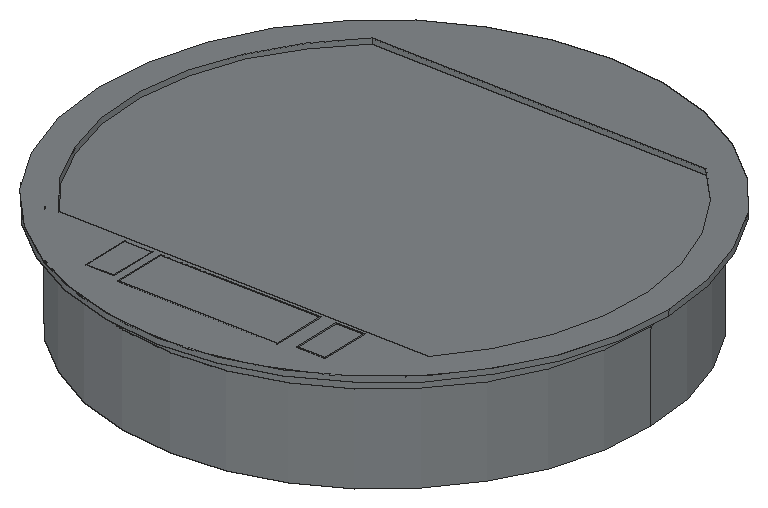
Revit family "Geräteeinsätze GES_Geräteeinsatz_GESR9_mit_Rastscheiber", category Generic Models, Revit 2015
Parameters (values of type "GESR9-2U12T 7011")
  URL = "http://www.obo-bettermann.com"
  Snur width = 111 mm
  Outer Diameter Dimension = 324 mm
  Material = Plastic RAL 7011
  Manufacturer Art. No. = "7405465"
  Manufacturer = "OBO Bettermann"
  Inner cut2 = 213 mm
  Inner cut 3 = 235 mm
  Height = 60 mm
  GTIN = "4012195840718"
  Diameter dimesion = 304 mm
  Article Type = "GESR9-2U12T 7011"
Types (4, lengths in mm): name | Material | Manufacturer Art. No. | GTIN | Article Type
  (no name) | Plastic RAL 7011 | "7405465" | "4012195840718" | "GESR9-2U12T 7011"
  GESR9-2U12T 7011 | Plastic RAL 7011 | "7405465" | "4012195840718" | "GESR9-2U12T 7011"
  GESR9-2U12T 9011 | Plastic RAL 9011 | "7405466" | "4012195840725" | "GESR9-2U12T 9011"
  GESR9-2U12T 1019 | Plastic RAL 1019 | "7405467" | "4012195840763" | "GESR9-2U12T 1019"
Reference planes
  plane 1 "Center (Front/Back)": y = 0
  plane 2: z = 0
  plane 3 "Center (Left/Right)": x = 0
  plane 4: z = -60
  plane 5: z = 3
  plane 6: x = 117.5
  plane 7: x = -117.5
  plane 8: y = -106.5
  plane 9: y = 106.5
  plane 10: y = -89.945
  plane 11: y = 89.945
  plane 12: x = -99.264
  plane 13: x = 99.264
  plane 14: z = -9.1
  plane 15: x = -55.5
  plane 16: x = 55.5
  plane 17: y = -82.6
  plane 18: x = -52.3
  plane 19: x = 52.3
  plane 20: y = -86.43
  plane 21: y = -122.43
  plane 22: y = -87.43
  plane 23: x = -51.3
  plane 24: x = 51.3
  plane 25: y = -121.43
Forms (mm)
  Extrusion 1, solid, material "Plastic RAL 7011" <- "Material"
    sketch origin (0, 0, 0) x (1, 0, 0) y (0, 1, 0)
      loop
        circle (0, 0) r 162
    from 0 to 3
  Extrusion 2, void
    sketch origin (0, 0, 0) x (1, 0, 0) y (0, 1, 0)
      loop
        line (-105.5, -100) -> (105.5, -100)
        arc (105.5, -100) -> (144.886, 7.232) -> (95, 110) r 146
        line (95, 110) -> (-95, 110)
        arc (-95, 110) -> (-144.886, 7.232) -> (-105.5, -100) r 146
    from -2.1 to 3
  Extrusion 3, solid, material "Plastic RAL 7011" <- "Material"
    sketch origin (0, 0, 0) x (1, 0, 0) y (0, 1, 0)
      loop
        circle (0, 0) r 152
    from -9.1 to 0
  Extrusion 4, solid, material "Plastic RAL 7011" <- "Material"
    sketch origin (0, 0, 0) x (1, 0, 0) y (0, 1, 0)
      loop
        circle (0, 0) r 152
      loop
        line (99.264, -106.5) -> (117.5, -89.945) -> (117.5, 0) -> (117.5, 89.945) -> (99.264, 106.5) -> (-99.264, 106.5) -> (-117.5, 89.945) -> (-117.5, -89.945) -> (-99.264, -106.5) -> (99.264, -106.5)
    from -60 to -9.1
  Extrusion 5, void
    sketch origin (0, 0, 0) x (1, 0, 0) y (0, 1, 0)
      loop
        line (45.5, -133) -> (45.5, -102) -> (-45.5, -102) -> (-45.5, -133) -> (45.5, -133)
      loop
        line (-45.3, -132.8) -> (45.3, -132.8) -> (45.3, -102.2) -> (-45.3, -102.2) -> (-45.3, -132.8)
    from 0 to 3
  Extrusion 6, void
    sketch origin (0, 0, 0) x (1, 0, 0) y (0, 1, 0)
      loop
        line (-66.101, -102) -> (-66.101, -130) -> (-50.101, -130) -> (-50.101, -102) -> (-66.101, -102)
      loop
        line (-65.901, -129.8) -> (-50.301, -129.8) -> (-50.301, -102.2) -> (-65.901, -102.2) -> (-65.901, -129.8)
      loop
        line (54.228, -102) -> (54.228, -130) -> (70.228, -130) -> (70.228, -102) -> (54.228, -102)
      loop
        line (54.428, -129.8) -> (70.028, -129.8) -> (70.028, -102.2) -> (54.428, -102.2) -> (54.428, -129.8)
    from 0 to 3
Cuts and joins
  Extrusion 2, Extrusion 5, Extrusion 6 cuts Extrusion 1
  Extrusion 5, Extrusion 6 cuts Extrusion 3
Lines and regions (mm)
  model lines
    curve 1: line (0, -82.75, -60) -> (0, -82.75, -50)
    curve 2: line (0, 82.75, -50) -> (0, 82.75, -60)
    curve 3: line (0, 82.75, -60) -> (0, 82.75, -50)
    curve 5: circle (0, 0, 0) r 162 normal (0, 0, 1)
    curve 7: circle (0, 0, 0) r 152 normal (0, 0, 1)
    curve 9: circle (0, 0, 0) r 143.5 normal (0, 0, 1)
    curve 10: line (117.5, 0, 0) -> (117.5, -89.945, 0)
    curve 11: line (99.264, -106.5, 0) -> (-99.264, -106.5, 0)
    curve 12: line (-117.5, -89.945, 0) -> (-117.5, 89.945, 0)
    curve 13: line (-99.264, 106.5, 0) -> (99.264, 106.5, 0)
    curve 14: line (-117.5, 89.945, 0) -> (-99.264, 106.5, 0)
    curve 15: line (117.5, 89.945, 0) -> (117.5, 0, 0)
    curve 16: line (117.5, 89.945, 0) -> (99.264, 106.5, 0)
    curve 17: line (-117.5, -89.945, 0) -> (-99.264, -106.5, 0)
    curve 18: line (117.5, -89.945, 0) -> (99.264, -106.5, 0)
  reference lines
    curve 4: circle (0, 0, 0) r 162 normal (0, 0, 1)
    curve 6: circle (0, 0, 0) r 152 normal (0, 0, 1)
    curve 8: circle (0, 0, 0) r 143.5 normal (0, 0, 1)
Dimensions and locks
  "Height": plane 4 to level
  locked: level to plane 5 at 3
  equal spacing: plane 9, plane 1 "Center (Front/Back)", plane 8
  "Inner cut2": plane 9 to plane 8
  equal spacing: plane 7, plane 3 "Center (Left/Right)", plane 6
  "Inner cut 3": plane 7 to plane 6
  locked: plane 9 to plane 11 at 16.555
  locked: plane 10 to plane 8 at 16.555
  locked: plane 7 to plane 12 at 18.236
  locked: plane 13 to plane 6 at 18.236
  equal spacing: plane 15, plane 3 "Center (Left/Right)", plane 16
  "Snur width": plane 15 to plane 16
  locked: plane 20 to plane 21 at 36
  locked: plane 25 to plane 21 at 1
  locked: plane 18 to plane 23 at 1
  locked: plane 24 to plane 19 at 1
  locked: plane 20 to plane 22 at 1
  locked: plane 1 "Center (Front/Back)" to plane 17 at 82.6
  equal spacing: plane 18, plane 3 "Center (Left/Right)", plane 19
  locked: plane 18 to plane 19 at 104.6
  locked: Extrusion 2 sketch curve to plane 1 "Center (Front/Back)" at 100
  locked: plane 1 "Center (Front/Back)" to Extrusion 2 sketch curve at 110
  locked: Extrusion 2 sketch curve to Extrusion 2 sketch curve at 211
  equal spacing: Extrusion 2 sketch curve, plane 3 "Center (Left/Right)", Extrusion 2 sketch curve, locked at 105.5 each
  locked: Extrusion 2 sketch curve to Extrusion 2 sketch curve at 190
  equal spacing: Extrusion 2 sketch curve, plane 3 "Center (Left/Right)", Extrusion 2 sketch curve, locked at 95 each
  locked: Extrusion 5 sketch curve to Extrusion 5 sketch curve at 91
  equal spacing: Extrusion 5 sketch curve, plane 3 "Center (Left/Right)", Extrusion 5 sketch curve, locked at 45.5 each
  locked: Extrusion 5 sketch curve to Extrusion 5 sketch curve at 31
  locked: Extrusion 5 sketch curve to plane 1 "Center (Front/Back)" at 133
  locked: Extrusion 5 sketch curve to Extrusion 5 sketch curve at 0.2  (x4)
  locked: Extrusion 6 sketch curve to Extrusion 6 sketch curve at 16  (x2)
  locked: Extrusion 6 sketch curve to Extrusion 6 sketch curve at 28  (x2)
  locked: Extrusion 6 sketch curve to plane 1 "Center (Front/Back)" at 102
  locked: Extrusion 6 sketch curve to Extrusion 6 sketch curve at 0.2  (x8)
  "Outer Diameter Dimension": diameter of curve 4
  "Diameter dimesion": diameter of curve 6
  radius of Extrusion 2 sketch curve = 146 mm  (x2)
  aligned and locked: level to plane 2
  aligned and locked: curve 5 to curve 4
  aligned and locked: Extrusion 1 sketch curve to curve 5
  aligned and locked: Extrusion 1 to level
  aligned and locked: plane 5 to Extrusion 1
  aligned and locked: curve 7 to curve 6
  aligned and locked: curve 9 to curve 8
  aligned and locked: plane 5 to Extrusion 2
  aligned and locked: curve 10 to plane 6
  aligned and locked: plane 8 to curve 11
  aligned and locked: plane 7 to curve 12
  aligned and locked: curve 13 to plane 9
  aligned and locked: Extrusion 3 to plane 14
  aligned and locked: Extrusion 4 sketch curve to curve 11
  aligned and locked: Extrusion 4 sketch curve to curve 18
  aligned and locked: Extrusion 4 sketch curve to curve 10
  aligned and locked: Extrusion 4 sketch curve to curve 15
  aligned and locked: Extrusion 4 sketch curve to curve 16
  aligned and locked: Extrusion 4 sketch curve to curve 13
  aligned and locked: Extrusion 4 sketch curve to curve 14
  aligned and locked: Extrusion 4 sketch curve to curve 12
  aligned and locked: Extrusion 4 sketch curve to curve 17
  aligned and locked: Extrusion 4 to plane 4
  aligned and locked: Extrusion 4 to plane 14
  aligned and locked: level to Extrusion 3
  aligned and locked: Extrusion 5 to level
  aligned and locked: plane 5 to Extrusion 5
  aligned and locked: Extrusion 6 sketch curve to Extrusion 6 sketch curve
  aligned and locked: Extrusion 6 to level
  aligned and locked: plane 5 to Extrusion 6
Automatic sketch dimensions
  curve 2 to plane 4 = 0 mm
  curve 1 to plane 4 = 0 mm
  plane 1 "Center (Front/Back)" to curve 1 = 82.75 mm
  curve 2 to plane 1 "Center (Front/Back)" = 82.75 mm
  curve 2 to curve 2 = 10 mm
  curve 1 to curve 1 = 10 mm
  curve 4 to curve 8 = 0 mm  (x2)
  curve 6 to curve 8 = 0 mm  (x2)
  plane 1 "Center (Front/Back)" to curve 6 = 0 mm
  curve 6 to plane 3 "Center (Left/Right)" = 0 mm
  plane 10 to Extrusion 4 sketch curve = 0 mm
  Extrusion 4 sketch curve to plane 13 = 0 mm
  plane 1 "Center (Front/Back)" to Extrusion 4 sketch curve = 0 mm
  curve 13 to plane 12 = 0 mm
  curve 11 to plane 12 = 0 mm
  curve 18 to plane 13 = 0 mm
  curve 16 to plane 13 = 0 mm
  curve 18 to plane 10 = 0 mm
  curve 17 to plane 10 = 0 mm
  plane 1 "Center (Front/Back)" to curve 15 = 0 mm
  plane 11 to curve 16 = 0 mm
  curve 12 to plane 11 = 0 mm
  plane 15 to Extrusion 6 sketch curve = 10.601 mm
  Extrusion 6 sketch curve to plane 16 = 1.272 mm
  radius of curve 8 = 143.5 mm
